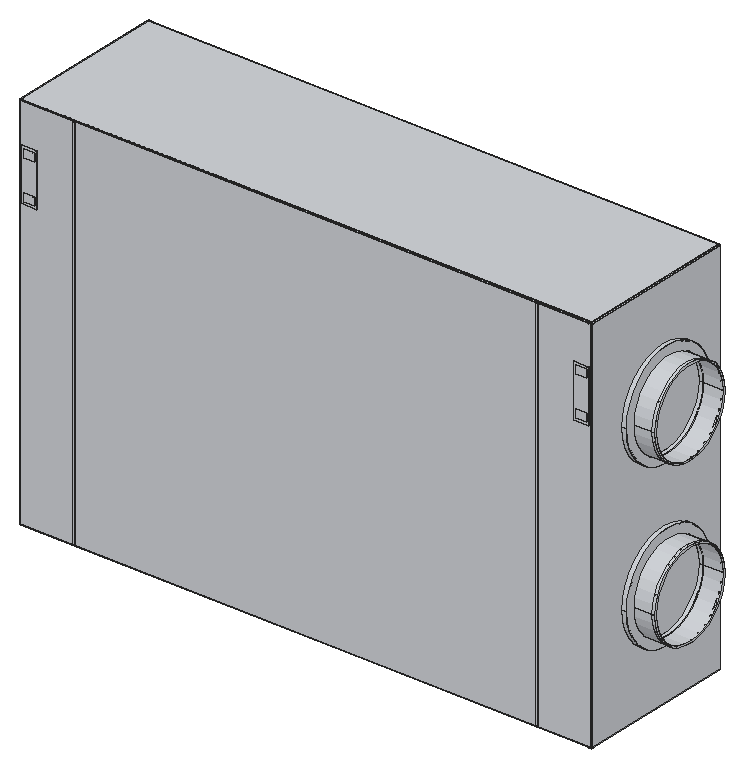
Revit family "Flexit Nordic CL 2 R E 350 R 230", category Mechanical Equipment, Revit 2018
Family settings
  Round Connector Dimension = Use Radius
  Part Type = Normal
  Work Plane-Based = No
  Always vertical = Yes
  Cut with Voids When Loaded = No
  Shared = No
  Room Calculation Point = No
Parameters
  magiProductId = "Flexit Nordic CL 2 R E 350 R 230"
  magiPartTypeId = 210
  magiFamilyGeom = MagiCAD_Flexit Nordic CL 2 R E 350 R 230 : MagiCAD_Flexit Nordic CL 2 R E 350 R 230
  Ytelse  SFP-sum vinter [instance] = "1.50 kJ/m³"
  Weight = 0.00 kg
  Vifte, tilluft  Vinter  Vifteinstilling [instance] = "47 %"
  Vifte, tilluft  Sommer  Vifteinstilling [instance] = ""
  Vifte, avtrekksluft  Vinter  Vifteinstilling [instance] = "48 %"
  Vifte, avtrekksluft  Sommer  Vifteinstilling [instance] = ""
  VersionID = "1.0/2021.0"
  Varmegjenvinning  Vinter  Komponentvirkningsgrad, tilluft (EN308) [instance] = "81.9 %"
  Varmegjenvinning  Sommer  Komponentvirkningsgrad, tilluft (EN308) [instance] = ""
  Varmegjenvinning  Sommer  Aggregatvirkningsgrad, tilluft (EN13141-7) [instance] = ""
  Uteluft [instance] = "160 mm"
  Tilluftskanal, vinter [instance] = "34 45 51 49 49 49 44 33 dB(A)"
  Tilluft  Trykkfall vinter [instance] = 70.0 Pa
  Tilluft  Luftmengde vinter [instance] = "0.0278 m³/s"
  Tilluft [instance] = "160 mm"
  Supply 1 Sound power level [instance] = "60 61 60 53 49 48 43 34 dB"
  Supply 1 Pressure drop min [instance] = 63.0 Pa
  Supply 1 Pressure drop max [instance] = 77.0 Pa
  Supply 1 Pressure drop [instance] = 70.0 Pa
  Supply 1 Airflow operation point min [instance] = 26.3889 L/s
  Supply 1 Airflow operation point max [instance] = 29.1667 L/s
  Supply 1 Airflow min [instance] = 22.0 L/s
  Supply 1 Airflow max [instance] = 78.0 L/s
  Supply 1 Airflow [instance] = 27.7778 L/s
  Resultater  Vekt [instance] = "62 kg"
  Productdata [instance] = "© MagiCAD Group, all rights reserved"
  Pressure rise, supply [instance] = 70.0 Pa
  Pressure rise, extract [instance] = 70.0 Pa
  Outdoor 1 Sound power level [instance] = "60 61 60 53 49 48 43 34 dB"
  Outdoor 1 Pressure drop min [instance] = 0.0 Pa
  Outdoor 1 Pressure drop max [instance] = 0.0 Pa
  Outdoor 1 Pressure drop [instance] = 0.0 Pa
  Outdoor 1 Airflow operation point min [instance] = 26.3889 L/s
  Outdoor 1 Airflow operation point max [instance] = 29.1667 L/s
  Outdoor 1 Airflow min [instance] = 22.0 L/s
  Outdoor 1 Airflow max [instance] = 78.0 L/s
  Outdoor 1 Airflow [instance] = 27.7778 L/s
  Omgivelse, vinter [instance] = "20 24 34 33 29 30 27 17 dB(A)"
  Kjøkkenkanal [instance] = "125 mm"
  Himling, vinter [instance] = "20 19 28 22 20 22 17 8 dB(A)"
  Generelt  Informasjon [instance] = ""
  Generelt  Beskrivelse / Plassering [instance] = ""
  Extract 9 Sound power level [instance] = "54 53 49 34 34 33 23 18 dB"
  Extract 9 Pressure drop min [instance] = 0.0 Pa
  Extract 9 Pressure drop max [instance] = 0.0 Pa
  Extract 9 Pressure drop [instance] = 0.0 Pa
  Extract 9 Airflow operation point min [instance] = 26.3889 L/s
  Extract 9 Airflow operation point max [instance] = 29.1667 L/s
  Extract 9 Airflow min [instance] = 22.0 L/s
  Extract 9 Airflow max [instance] = 78.0 L/s
  Extract 9 Airflow [instance] = 27.7778 L/s
  Extract 1 Sound power level [instance] = "54 53 49 34 34 33 23 18 dB"
  Extract 1 Pressure drop min [instance] = 63.0 Pa
  Extract 1 Pressure drop max [instance] = 77.0 Pa
  Extract 1 Pressure drop [instance] = 70.0 Pa
  Extract 1 Airflow operation point min [instance] = 26.3889 L/s
  Extract 1 Airflow operation point max [instance] = 29.1667 L/s
  Extract 1 Airflow min [instance] = 22.0 L/s
  Extract 1 Airflow max [instance] = 78.0 L/s
  Extract 1 Airflow [instance] = 27.7778 L/s
  Exhaust 1 Sound power level [instance] = "54 53 49 34 34 33 23 18 dB"
  Exhaust 1 Pressure drop min [instance] = 0.0 Pa
  Exhaust 1 Pressure drop max [instance] = 0.0 Pa
  Exhaust 1 Pressure drop [instance] = 0.0 Pa
  Exhaust 1 Airflow operation point min [instance] = 26.3889 L/s
  Exhaust 1 Airflow operation point max [instance] = 29.1667 L/s
  Exhaust 1 Airflow min [instance] = 22.0 L/s
  Exhaust 1 Airflow max [instance] = 78.0 L/s
  Exhaust 1 Airflow [instance] = 27.7778 L/s
  Dimensjoner [instance] = "1149x296x767 mm"
  Avtrekkskanal, vinter [instance] = "27 37 40 30 34 34 24 17 dB(A)"
  Avtrekk  Trykkfall vinter [instance] = 70.0 Pa
  Avtrekk  Luftmengde vinter [instance] = "0.0278 m³/s"
  Avtrekk [instance] = "160 mm"
  Avkast [instance] = "160 mm"
Reference planes
  plane 1 "Center (Front/Back)": y = 0
  plane 2: z = 0
  plane 3 "Center (Left/Right)": x = 0
Forms (mm)
  Extrusion 1, solid, not visible
    sketch origin (0, 163, 267) x (0, -1, 0) y (0, 0, 1)
      loop
        line (-15.24, -15.24) -> (15.24, -15.24) -> (15.24, 15.24) -> (-15.24, 15.24) -> (-15.24, -15.24)
    from 0 to -30.48
  Extrusion 2, solid, not visible
    sketch origin (1149, 163, 567) x (0, 1, 0) y (0, 0, 1)
      loop
        line (15.24, 15.24) -> (-15.24, 15.24) -> (-15.24, -15.24) -> (15.24, -15.24) -> (15.24, 15.24)
    from 0 to -30.48
  Extrusion 3, solid, not visible
    sketch origin (0, 163, 567) x (0, -1, 0) y (0, 0, 1)
      loop
        line (-15.24, -15.24) -> (15.24, -15.24) -> (15.24, 15.24) -> (-15.24, 15.24) -> (-15.24, -15.24)
    from 0 to -30.48
  Extrusion 4, solid, not visible
    sketch origin (861, 163, 0) x (0, 1, 0) y (1, 0, 0)
      loop
        line (-15.24, 15.24) -> (-15.24, -15.24) -> (15.24, -15.24) -> (15.24, 15.24) -> (-15.24, 15.24)
    from 0 to -30.48
  Extrusion 5, solid, not visible
    sketch origin (1149, 163, 267) x (0, 1, 0) y (0, 0, 1)
      loop
        line (15.24, 15.24) -> (-15.24, 15.24) -> (-15.24, -15.24) -> (15.24, -15.24) -> (15.24, 15.24)
    from 0 to -30.48
Text (mm)
  text "© MagiCAD Group, all rights reserved" at (-487.68, -1524, 0), in view "Ref. Level"
Nested families
  nested 1: "MagiCAD_Flexit Nordic CL 2 R E 350 R 230" at (0, 0, 0), type <- "magiFamilyGeom", type "MagiCAD_Flexit Nordic CL 2 R E 350 R 230"
Connectors
  hvac at (0, 163, 267)
    settings: on Extrusion 1, index 1, duct flow 0.0 L/s, flow factor 0, pres drop 0.0 Pa, loss coef 0, conn angle 0.00°, conn width 304.8 mm, conn height 304.8 mm, conn diameter 160 mm, duct sys type 1, conn prof type 0, flow config 0, flow direction 2, loss method 0, conn ref index -1, conn util no, is conn primary yes, conn desc "Supply 1"
  hvac at (1149, 163, 567)
    settings: on Extrusion 2, index 2, duct flow 0.0 L/s, flow factor 0, pres drop 0.0 Pa, loss coef 0, conn angle 0.00°, conn width 304.8 mm, conn height 304.8 mm, conn diameter 160 mm, duct sys type 1, conn prof type 0, flow config 0, flow direction 1, loss method 0, conn ref index -1, conn util no, is conn primary no, conn desc "Outdoor 1"
  hvac at (0, 163, 567)
    settings: on Extrusion 3, index 3, duct flow 0.0 L/s, flow factor 0, pres drop 0.0 Pa, loss coef 0, conn angle 0.00°, conn width 304.8 mm, conn height 304.8 mm, conn diameter 160 mm, duct sys type 2, conn prof type 0, flow config 0, flow direction 1, loss method 0, conn ref index -1, conn util no, is conn primary no, conn desc "Extract 1"
  hvac at (861, 163, 0)
    settings: on Extrusion 4, index 4, duct flow 0.0 L/s, flow factor 0, pres drop 0.0 Pa, loss coef 0, conn angle 0.00°, conn width 304.8 mm, conn height 304.8 mm, conn diameter 125 mm, duct sys type 2, conn prof type 0, flow config 0, flow direction 1, loss method 0, conn ref index -1, conn util no, is conn primary no, conn desc "Extract 9"
  hvac at (1149, 163, 267)
    settings: on Extrusion 5, index 5, duct flow 0.0 L/s, flow factor 0, pres drop 0.0 Pa, loss coef 0, conn angle 0.00°, conn width 304.8 mm, conn height 304.8 mm, conn diameter 160 mm, duct sys type 3, conn prof type 0, flow config 0, flow direction 2, loss method 0, conn ref index -1, conn util no, is conn primary no, conn desc "Exhaust 1"
Definition of nested family "MagiCAD_Flexit Nordic CL 2 R E 350 R 230"
  Reference planes
    plane 1 "Center (Front/Back)": y = 0
    plane 2: z = 0
    plane 3 "Center (Left/Right)": x = 0
  Forms (mm)
    Extrusion 1, solid
      sketch origin (1099.5, 163, 267) x (0, 1, 0) y (0, 0, 1)
        loop
          circle (0, 0) r 79.9
      from 0 to 2
    Extrusion 2, void
      sketch origin (1099.5, 163, 267) x (0, 1, 0) y (0, 0, 1)
        loop
          circle (0, 0) r 79.7
      from 0.2 to 2
    Extrusion 3, solid
      sketch origin (1099.5, 163, 267) x (0, 1, 0) y (0, 0, 1)
        loop
          circle (0, 0) r 80
      from 0 to 49.5
    Extrusion 4, void
      sketch origin (1099.5, 163, 267) x (0, 1, 0) y (0, 0, 1)
        loop
          circle (0, 0) r 79.8
      from 0 to 49.5
    Extrusion 5, solid
      sketch origin (1099.5, 163, 267) x (0, 1, 0) y (0, 0, 1)
        loop
          circle (0, 0) r 96
      from 0 to 10
    Extrusion 6, void
      sketch origin (1099.5, 163, 267) x (0, 1, 0) y (0, 0, 1)
        loop
          circle (0, 0) r 95.8
      from 0 to 10
    Extrusion 7, solid
      sketch origin (1144.05, 163, 267) x (0, 1, 0) y (0, 0, 1)
        loop
          circle (0, 0) r 80.05
      from 0 to 4.95
    Extrusion 8, void
      sketch origin (1144.05, 163, 267) x (0, 1, 0) y (0, 0, 1)
        loop
          circle (0, 0) r 79.85
      from 0 to 4.95
    Extrusion 9, solid
      sketch origin (49.5, 163, 567) x (0, -1, 0) y (0, 0, 1)
        loop
          circle (0, 0) r 79.9
      from 0 to 2
    Extrusion 10, void
      sketch origin (49.5, 163, 567) x (0, -1, 0) y (0, 0, 1)
        loop
          circle (0, 0) r 79.7
      from 0.2 to 2
    Extrusion 11, solid
      sketch origin (49.5, 163, 567) x (0, -1, 0) y (0, 0, 1)
        loop
          circle (0, 0) r 80
      from 0 to 49.5
    Extrusion 12, void
      sketch origin (49.5, 163, 567) x (0, -1, 0) y (0, 0, 1)
        loop
          circle (0, 0) r 79.8
      from 0 to 49.5
    Extrusion 13, solid
      sketch origin (49.5, 163, 567) x (0, -1, 0) y (0, 0, 1)
        loop
          circle (0, 0) r 96
      from 0 to 10
    Extrusion 14, void
      sketch origin (49.5, 163, 567) x (0, -1, 0) y (0, 0, 1)
        loop
          circle (0, 0) r 95.8
      from 0 to 10
    Extrusion 15, solid
      sketch origin (4.95, 163, 567) x (0, -1, 0) y (0, 0, 1)
        loop
          circle (0, 0) r 80.05
      from 0 to 4.95
    Extrusion 16, void
      sketch origin (4.95, 163, 567) x (0, -1, 0) y (0, 0, 1)
        loop
          circle (0, 0) r 79.85
      from 0 to 4.95
    Extrusion 17, solid
      sketch origin (1099.5, 163, 567) x (0, 1, 0) y (0, 0, 1)
        loop
          circle (0, 0) r 79.9
      from 0 to 2
    Extrusion 18, void
      sketch origin (1099.5, 163, 567) x (0, 1, 0) y (0, 0, 1)
        loop
          circle (0, 0) r 79.7
      from 0.2 to 2
    Extrusion 19, solid
      sketch origin (1099.5, 163, 567) x (0, 1, 0) y (0, 0, 1)
        loop
          circle (0, 0) r 80
      from 0 to 49.5
    Extrusion 20, void
      sketch origin (1099.5, 163, 567) x (0, 1, 0) y (0, 0, 1)
        loop
          circle (0, 0) r 79.8
      from 0 to 49.5
    Extrusion 21, solid
      sketch origin (1099.5, 163, 567) x (0, 1, 0) y (0, 0, 1)
        loop
          circle (0, 0) r 96
      from 0 to 10
    Extrusion 22, void
      sketch origin (1099.5, 163, 567) x (0, 1, 0) y (0, 0, 1)
        loop
          circle (0, 0) r 95.8
      from 0 to 10
    Extrusion 23, solid
      sketch origin (1144.05, 163, 567) x (0, 1, 0) y (0, 0, 1)
        loop
          circle (0, 0) r 80.05
      from 0 to 4.95
    Extrusion 24, void
      sketch origin (1144.05, 163, 567) x (0, 1, 0) y (0, 0, 1)
        loop
          circle (0, 0) r 79.85
      from 0 to 4.95
    Extrusion 25, solid
      sketch origin (49.5, 163, 267) x (0, -1, 0) y (0, 0, 1)
        loop
          circle (0, 0) r 79.9
      from 0 to 2
    Extrusion 26, void
      sketch origin (49.5, 163, 267) x (0, -1, 0) y (0, 0, 1)
        loop
          circle (0, 0) r 79.7
      from 0.2 to 2
    Extrusion 27, solid
      sketch origin (49.5, 163, 267) x (0, -1, 0) y (0, 0, 1)
        loop
          circle (0, 0) r 80
      from 0 to 49.5
    Extrusion 28, void
      sketch origin (49.5, 163, 267) x (0, -1, 0) y (0, 0, 1)
        loop
          circle (0, 0) r 79.8
      from 0 to 49.5
    Extrusion 29, solid
      sketch origin (49.5, 163, 267) x (0, -1, 0) y (0, 0, 1)
        loop
          circle (0, 0) r 96
      from 0 to 10
    Extrusion 30, void
      sketch origin (49.5, 163, 267) x (0, -1, 0) y (0, 0, 1)
        loop
          circle (0, 0) r 95.8
      from 0 to 10
    Extrusion 31, solid
      sketch origin (4.95, 163, 267) x (0, -1, 0) y (0, 0, 1)
        loop
          circle (0, 0) r 80.05
      from 0 to 4.95
    Extrusion 32, void
      sketch origin (4.95, 163, 267) x (0, -1, 0) y (0, 0, 1)
        loop
          circle (0, 0) r 79.85
      from 0 to 4.95
    Extrusion 33, solid
      sketch origin (861, 163, 67) x (0, 1, 0) y (1, 0, 0)
        loop
          circle (0, 0) r 62.4
      from 0 to 2
    Extrusion 34, void
      sketch origin (861, 163, 67) x (0, 1, 0) y (1, 0, 0)
        loop
          circle (0, 0) r 62.2
      from 0.2 to 2
    Extrusion 35, solid
      sketch origin (861, 163, 67) x (0, 1, 0) y (1, 0, 0)
        loop
          circle (0, 0) r 62.5
      from 0 to 67
    Extrusion 36, void
      sketch origin (861, 163, 67) x (0, 1, 0) y (1, 0, 0)
        loop
          circle (0, 0) r 62.3
      from 0 to 67
    Extrusion 37, solid
      sketch origin (861, 163, 67) x (0, 1, 0) y (1, 0, 0)
        loop
          circle (0, 0) r 75
      from 0 to 10
    Extrusion 38, void
      sketch origin (861, 163, 67) x (0, 1, 0) y (1, 0, 0)
        loop
          circle (0, 0) r 74.8
      from 0 to 10
    Extrusion 39, solid
      sketch origin (861, 163, 6.7) x (0, 1, 0) y (1, 0, 0)
        loop
          circle (0, 0) r 62.55
      from 0 to 6.7
    Extrusion 40, void
      sketch origin (861, 163, 6.7) x (0, 1, 0) y (1, 0, 0)
        loop
          circle (0, 0) r 62.35
      from 0 to 6.7
    Extrusion 41, solid
      sketch origin (1109.5, 163, 267) x (0, 1, 0) y (0, 0, 1)
        loop
          circle (0, 0) r 80.05
        loop
          circle (0, 0) r 96
      from -0.1 to 0.1
    Extrusion 42, solid
      sketch origin (1101.5, 163, 267) x (0, 1, 0) y (0, 0, 1)
        loop
          circle (0, 0) r 79.9
      from -0.1 to 0.1
    Extrusion 43, solid
      sketch origin (1149, 163, 267) x (0, 1, 0) y (0, 0, 1)
        loop
          circle (0, 0) r 78
        loop
          circle (0, 0) r 80
      from -0.1 to 0.1
    Extrusion 44, solid
      sketch origin (39.5, 163, 567) x (0, -1, 0) y (0, 0, 1)
        loop
          circle (0, 0) r 80.05
        loop
          circle (0, 0) r 96
      from -0.1 to 0.1
    Extrusion 45, solid
      sketch origin (47.5, 163, 567) x (0, -1, 0) y (0, 0, 1)
        loop
          circle (0, 0) r 79.9
      from -0.1 to 0.1
    Extrusion 46, solid
      sketch origin (0, 163, 567) x (0, -1, 0) y (0, 0, 1)
        loop
          circle (0, 0) r 78
        loop
          circle (0, 0) r 80
      from -0.1 to 0.1
    Extrusion 47, solid
      sketch origin (1109.5, 163, 567) x (0, 1, 0) y (0, 0, 1)
        loop
          circle (0, 0) r 80.05
        loop
          circle (0, 0) r 96
      from -0.1 to 0.1
    Extrusion 48, solid
      sketch origin (1101.5, 163, 567) x (0, 1, 0) y (0, 0, 1)
        loop
          circle (0, 0) r 79.9
      from -0.1 to 0.1
    Extrusion 49, solid
      sketch origin (1149, 163, 567) x (0, 1, 0) y (0, 0, 1)
        loop
          circle (0, 0) r 78
        loop
          circle (0, 0) r 80
      from -0.1 to 0.1
    Extrusion 50, solid
      sketch origin (39.5, 163, 267) x (0, -1, 0) y (0, 0, 1)
        loop
          circle (0, 0) r 80.05
        loop
          circle (0, 0) r 96
      from -0.1 to 0.1
    Extrusion 51, solid
      sketch origin (47.5, 163, 267) x (0, -1, 0) y (0, 0, 1)
        loop
          circle (0, 0) r 79.9
      from -0.1 to 0.1
    Extrusion 52, solid
      sketch origin (0, 163, 267) x (0, -1, 0) y (0, 0, 1)
        loop
          circle (0, 0) r 75.05
        loop
          circle (0, 0) r 80
      from -0.1 to 0.1
    Extrusion 53, solid
      sketch origin (861, 163, 57) x (0, 1, 0) y (1, 0, 0)
        loop
          circle (0, 0) r 62.55
        loop
          circle (0, 0) r 75
      from -0.1 to 0.1
    Extrusion 54, solid
      sketch origin (861, 163, 65) x (0, 1, 0) y (1, 0, 0)
        loop
          circle (0, 0) r 62.4
      from -0.1 to 0.1
    Extrusion 55, solid
      sketch origin (861, 163, 0) x (0, 1, 0) y (1, 0, 0)
        loop
          circle (0, 0) r 60.5
        loop
          circle (0, 0) r 62.5
      from -0.1 to 0.1
    Extrusion 56, solid
      sketch origin (51.5, 294, 765) x (1, 0, 0) y (0, 1, 0)
        loop
          line (1046, 0) -> (1046, 2) -> (0, 2) -> (0, 0) -> (1046, 0)
      from -0.1 to 0.1
    Extrusion 57, solid
      sketch origin (51.5, 294, 767) x (0, 0, 1) y (1, 0, 0)
        loop
          line (0, 1046) -> (-2, 1046) -> (-2, 0) -> (0, 0) -> (0, 1046)
      from -0.1 to 0.1
    Extrusion 58, solid
      sketch origin (51.5, 296, 765) x (1, 0, 0) y (0, -0.707107, 0.707107)
        loop
          line (1046, 0) -> (1046, 2.828) -> (0, 2.828) -> (0, 0) -> (1046, 0)
      from -0.1 to 0.1
    Extrusion 59, solid
      sketch origin (1097.5, 294, 765) x (0, 1, 0) y (0, 0, 1)
        loop
          line (2, 0) -> (0, 2) -> (0, 0) -> (2, 0)
      from -0.1 to 0.1
    Extrusion 60, solid
      sketch origin (51.5, 294, 765) x (0, 1, 0) y (0, 0, 1)
        loop
          line (2, 0) -> (0, 2) -> (0, 0) -> (2, 0)
      from -0.1 to 0.1
    Extrusion 61, solid
      sketch origin (51.5, 294, 69) x (0, 0, 1) y (1, 0, 0)
        loop
          line (0, 1046) -> (-2, 1046) -> (-2, 0) -> (0, 0) -> (0, 1046)
      from -0.1 to 0.1
    Extrusion 62, solid
      sketch origin (51.5, 296, 69) x (0, 1, 0) y (1, 0, 0)
        loop
          line (0, 1046) -> (-2, 1046) -> (-2, 0) -> (0, 0) -> (0, 1046)
      from -0.1 to 0.1
    Extrusion 63, solid
      sketch origin (51.5, 294, 67) x (1, 0, 0) y (0, 0.707107, 0.707107)
        loop
          line (1046, 0) -> (1046, 2.828) -> (0, 2.828) -> (0, 0) -> (1046, 0)
      from -0.1 to 0.1
    Extrusion 64, solid
      sketch origin (1097.5, 294, 69) x (0, 1, 0) y (0, 0, 1)
        loop
          line (0, -2) -> (2, 0) -> (0, 0) -> (0, -2)
      from -0.1 to 0.1
    Extrusion 65, solid
      sketch origin (51.5, 294, 69) x (0, 1, 0) y (0, 0, 1)
        loop
          line (0, -2) -> (2, 0) -> (0, 0) -> (0, -2)
      from -0.1 to 0.1
    Extrusion 66, solid
      sketch origin (1097.5, 294, 765) x (0, 1, 0) y (0, 0, 1)
        loop
          line (0, -696) -> (2, -696) -> (2, 0) -> (0, 0) -> (0, -696)
      from -0.1 to 0.1
    Extrusion 67, solid
      sketch origin (1099.5, 294, 765) x (0, 0, 1) y (1, 0, 0)
        loop
          line (-696, 0) -> (-696, -2) -> (0, -2) -> (0, 0) -> (-696, 0)
      from -0.1 to 0.1
    Extrusion 68, solid
      sketch origin (1097.5, 296, 765) x (0.707107, -0.707107, 0) y (0, 0, 1)
        loop
          line (0, -696) -> (2.828, -696) -> (2.828, 0) -> (0, 0) -> (0, -696)
      from -0.1 to 0.1
    Extrusion 69, solid
      sketch origin (1097.5, 294, 69) x (0, 1, 0) y (1, 0, 0)
        loop
          line (2, 0) -> (0, 2) -> (0, 0) -> (2, 0)
      from -0.1 to 0.1
    Extrusion 70, solid
      sketch origin (1097.5, 294, 765) x (0, 1, 0) y (1, 0, 0)
        loop
          line (2, 0) -> (0, 2) -> (0, 0) -> (2, 0)
      from -0.1 to 0.1
    Extrusion 71, solid
      sketch origin (51.5, 294, 765) x (0, 1, 0) y (0, 0, 1)
        loop
          line (0, -696) -> (2, -696) -> (2, 0) -> (0, 0) -> (0, -696)
      from -0.1 to 0.1
    Extrusion 72, solid
      sketch origin (49.5, 294, 765) x (0, 0, -1) y (1, 0, 0)
        loop
          line (696, 0) -> (696, 2) -> (0, 2) -> (0, 0) -> (696, 0)
      from -0.1 to 0.1
    Extrusion 73, solid
      sketch origin (51.5, 296, 765) x (0.707107, 0.707107, 0) y (0, 0, -1)
        loop
          line (0, 696) -> (-2.828, 696) -> (-2.828, 0) -> (0, 0) -> (0, 696)
      from -0.1 to 0.1
    Extrusion 74, solid
      sketch origin (51.5, 294, 69) x (1, 0, 0) y (0, 1, 0)
        loop
          line (0, 2) -> (-2, 0) -> (0, 0) -> (0, 2)
      from -0.1 to 0.1
    Extrusion 75, solid
      sketch origin (51.5, 294, 765) x (1, 0, 0) y (0, 1, 0)
        loop
          line (0, 2) -> (-2, 0) -> (0, 0) -> (0, 2)
      from -0.1 to 0.1
    Extrusion 76, solid
      sketch origin (1097.5, 2, 765) x (0, 0, -1) y (1, 0, 0)
        loop
          line (696, 0) -> (696, 2) -> (0, 2) -> (0, 0) -> (696, 0)
      from -0.1 to 0.1
    Extrusion 77, solid
      sketch origin (1097.5, 0, 765) x (0, 1, 0) y (0, 0, 1)
        loop
          line (0, -696) -> (2, -696) -> (2, 0) -> (0, 0) -> (0, -696)
      from -0.1 to 0.1
    Extrusion 78, solid
      sketch origin (1099.5, 2, 765) x (0.707107, 0.707107, 0) y (0, 0, -1)
        loop
          line (0, 696) -> (-2.828, 696) -> (-2.828, 0) -> (0, 0) -> (0, 696)
      from -0.1 to 0.1
    Extrusion 79, solid
      sketch origin (1097.5, 2, 69) x (0, 1, 0) y (1, 0, 0)
        loop
          line (0, 2) -> (-2, 0) -> (0, 0) -> (0, 2)
      from -0.1 to 0.1
    Extrusion 80, solid
      sketch origin (1097.5, 2, 765) x (0, 1, 0) y (1, 0, 0)
        loop
          line (0, 2) -> (-2, 0) -> (0, 0) -> (0, 2)
      from -0.1 to 0.1
    Extrusion 81, solid
      sketch origin (51.5, 2, 765) x (0, 0, 1) y (1, 0, 0)
        loop
          line (-696, 0) -> (-696, -2) -> (0, -2) -> (0, 0) -> (-696, 0)
      from -0.1 to 0.1
    Extrusion 82, solid
      sketch origin (51.5, 0, 765) x (0, 1, 0) y (0, 0, 1)
        loop
          line (0, -696) -> (2, -696) -> (2, 0) -> (0, 0) -> (0, -696)
      from -0.1 to 0.1
    Extrusion 83, solid
      sketch origin (49.5, 2, 765) x (0.707107, -0.707107, 0) y (0, 0, 1)
        loop
          line (0, -696) -> (2.828, -696) -> (2.828, 0) -> (0, 0) -> (0, -696)
      from -0.1 to 0.1
    Extrusion 84, solid
      sketch origin (51.5, 2, 69) x (1, 0, 0) y (0, 1, 0)
        loop
          line (-2, 0) -> (0, -2) -> (0, 0) -> (-2, 0)
      from -0.1 to 0.1
    Extrusion 85, solid
      sketch origin (51.5, 2, 765) x (1, 0, 0) y (0, 1, 0)
        loop
          line (-2, 0) -> (0, -2) -> (0, 0) -> (-2, 0)
      from -0.1 to 0.1
    Extrusion 86, solid
      sketch origin (51.5, 2, 765) x (0, 0, -1) y (1, 0, 0)
        loop
          line (0, 1046) -> (-2, 1046) -> (-2, 0) -> (0, 0) -> (0, 1046)
      from -0.1 to 0.1
    Extrusion 87, solid
      sketch origin (51.5, 0, 765) x (1, 0, 0) y (0, 1, 0)
        loop
          line (1046, 0) -> (1046, 2) -> (0, 2) -> (0, 0) -> (1046, 0)
      from -0.1 to 0.1
    Extrusion 88, solid
      sketch origin (51.5, 2, 767) x (1, 0, 0) y (0, -0.707107, -0.707107)
        loop
          line (1046, 0) -> (1046, 2.828) -> (0, 2.828) -> (0, 0) -> (1046, 0)
      from -0.1 to 0.1
    Extrusion 89, solid
      sketch origin (1097.5, 2, 765) x (0, 1, 0) y (0, 0, 1)
        loop
          line (0, 2) -> (-2, 0) -> (0, 0) -> (0, 2)
      from -0.1 to 0.1
    Extrusion 90, solid
      sketch origin (51.5, 2, 765) x (0, 1, 0) y (0, 0, 1)
        loop
          line (0, 2) -> (-2, 0) -> (0, 0) -> (0, 2)
      from -0.1 to 0.1
    Extrusion 91, solid
      sketch origin (51.5, 2, 69) x (0, 1, 0) y (1, 0, 0)
        loop
          line (0, 1046) -> (-2, 1046) -> (-2, 0) -> (0, 0) -> (0, 1046)
      from -0.1 to 0.1
    Extrusion 92, solid
      sketch origin (51.5, 2, 67) x (0, 0, -1) y (1, 0, 0)
        loop
          line (0, 1046) -> (-2, 1046) -> (-2, 0) -> (0, 0) -> (0, 1046)
      from -0.1 to 0.1
    Extrusion 93, solid
      sketch origin (51.5, 0, 69) x (1, 0, 0) y (0, 0.707107, -0.707107)
        loop
          line (1046, 0) -> (1046, 2.828) -> (0, 2.828) -> (0, 0) -> (1046, 0)
      from -0.1 to 0.1
    Extrusion 94, solid
      sketch origin (1097.5, 2, 69) x (0, 1, 0) y (0, 0, 1)
        loop
          line (-2, 0) -> (0, -2) -> (0, 0) -> (-2, 0)
      from -0.1 to 0.1
    Extrusion 95, solid
      sketch origin (51.5, 2, 69) x (0, 1, 0) y (0, 0, 1)
        loop
          line (-2, 0) -> (0, -2) -> (0, 0) -> (-2, 0)
      from -0.1 to 0.1
    Extrusion 96, solid
      sketch origin (1097.5, 2, 765) x (0, 1, 0) y (0, 0, 1)
        loop
          line (292, 0) -> (292, 2) -> (0, 2) -> (0, 0) -> (292, 0)
      from -0.1 to 0.1
    Extrusion 97, solid
      sketch origin (1099.5, 2, 765) x (1, 0, 0) y (0, 1, 0)
        loop
          line (0, 292) -> (-2, 292) -> (-2, 0) -> (0, 0) -> (0, 292)
      from -0.1 to 0.1
    Extrusion 98, solid
      sketch origin (1097.5, 2, 767) x (0.707107, 0, -0.707107) y (0, -1, 0)
        loop
          line (0, -292) -> (2.828, -292) -> (2.828, 0) -> (0, 0) -> (0, -292)
      from -0.1 to 0.1
    Extrusion 99, solid
      sketch origin (1097.5, 294, 765) x (0, 0, 1) y (1, 0, 0)
        loop
          line (2, 0) -> (0, 2) -> (0, 0) -> (2, 0)
      from -0.1 to 0.1
    Extrusion 100, solid
      sketch origin (1097.5, 2, 765) x (0, 0, 1) y (1, 0, 0)
        loop
          line (2, 0) -> (0, 2) -> (0, 0) -> (2, 0)
      from -0.1 to 0.1
    Extrusion 101, solid
      sketch origin (1097.5, 2, 69) x (0, 1, 0) y (1, 0, 0)
        loop
          line (292, 0) -> (292, 2) -> (0, 2) -> (0, 0) -> (292, 0)
      from -0.1 to 0.1
    Extrusion 102, solid
      sketch origin (1097.5, 2, 67) x (0, 1, 0) y (0, 0, 1)
        loop
          line (292, 0) -> (292, 2) -> (0, 2) -> (0, 0) -> (292, 0)
      from -0.1 to 0.1
    Extrusion 103, solid
      sketch origin (1099.5, 2, 69) x (0.707107, 0, 0.707107) y (0, 1, 0)
        loop
          line (0, 292) -> (-2.828, 292) -> (-2.828, 0) -> (0, 0) -> (0, 292)
      from -0.1 to 0.1
    Extrusion 104, solid
      sketch origin (1097.5, 294, 69) x (0, 0, 1) y (1, 0, 0)
        loop
          line (0, 2) -> (-2, 0) -> (0, 0) -> (0, 2)
      from -0.1 to 0.1
    Extrusion 105, solid
      sketch origin (1097.5, 2, 69) x (0, 0, 1) y (1, 0, 0)
        loop
          line (0, 2) -> (-2, 0) -> (0, 0) -> (0, 2)
      from -0.1 to 0.1
    Extrusion 106, solid
      sketch origin (51.5, 2, 765) x (0, 1, 0) y (0, 0, 1)
        loop
          line (292, 0) -> (292, 2) -> (0, 2) -> (0, 0) -> (292, 0)
      from -0.1 to 0.1
    Extrusion 107, solid
      sketch origin (49.5, 2, 765) x (0, 1, 0) y (1, 0, 0)
        loop
          line (292, 0) -> (292, 2) -> (0, 2) -> (0, 0) -> (292, 0)
      from -0.1 to 0.1
    Extrusion 108, solid
      sketch origin (51.5, 2, 767) x (0.707107, 0, 0.707107) y (0, 1, 0)
        loop
          line (0, 292) -> (-2.828, 292) -> (-2.828, 0) -> (0, 0) -> (0, 292)
      from -0.1 to 0.1
    Extrusion 109, solid
      sketch origin (51.5, 294, 765) x (0, 0, -1) y (1, 0, 0)
        loop
          line (-2, 0) -> (0, -2) -> (0, 0) -> (-2, 0)
      from -0.1 to 0.1
    Extrusion 110, solid
      sketch origin (51.5, 2, 765) x (0, 0, -1) y (1, 0, 0)
        loop
          line (-2, 0) -> (0, -2) -> (0, 0) -> (-2, 0)
      from -0.1 to 0.1
    Extrusion 111, solid
      sketch origin (51.5, 2, 69) x (1, 0, 0) y (0, 1, 0)
        loop
          line (0, 292) -> (-2, 292) -> (-2, 0) -> (0, 0) -> (0, 292)
      from -0.1 to 0.1
    Extrusion 112, solid
      sketch origin (51.5, 2, 67) x (0, 1, 0) y (0, 0, 1)
        loop
          line (292, 0) -> (292, 2) -> (0, 2) -> (0, 0) -> (292, 0)
      from -0.1 to 0.1
    Extrusion 113, solid
      sketch origin (49.5, 2, 69) x (0.707107, 0, -0.707107) y (0, -1, 0)
        loop
          line (0, -292) -> (2.828, -292) -> (2.828, 0) -> (0, 0) -> (0, -292)
      from -0.1 to 0.1
    Extrusion 114, solid
      sketch origin (51.5, 294, 69) x (0, 0, -1) y (1, 0, 0)
        loop
          line (0, -2) -> (2, 0) -> (0, 0) -> (0, -2)
      from -0.1 to 0.1
    Extrusion 115, solid
      sketch origin (51.5, 2, 69) x (0, 0, -1) y (1, 0, 0)
        loop
          line (0, -2) -> (2, 0) -> (0, 0) -> (0, -2)
      from -0.1 to 0.1
    Extrusion 116, solid
      sketch origin (51.5, 2, 765) x (0, -1, 0) y (0, 0, 1)
        loop
          line (0, 2) -> (-292, 2) -> (-292, 0) -> (0, 0) -> (0, 2)
      from -0.1 to 0.1
    Extrusion 117, solid
      sketch origin (1097.5, 2, 765) x (0, 0, -1) y (1, 0, 0)
        loop
          line (-2, 0) -> (-2, -1046) -> (0, -1046) -> (0, 0) -> (-2, 0)
      from -0.1 to 0.1
    Extrusion 118, solid
      sketch origin (1097.5, 294, 765) x (0, 1, 0) y (0, 0, 1)
        loop
          line (0, 2) -> (-292, 2) -> (-292, 0) -> (0, 0) -> (0, 2)
      from -0.1 to 0.1
    Extrusion 119, solid
      sketch origin (51.5, 294, 765) x (0, 0, 1) y (1, 0, 0)
        loop
          line (2, 0) -> (2, 1046) -> (0, 1046) -> (0, 0) -> (2, 0)
      from -0.1 to 0.1
    Extrusion 120, solid
      sketch origin (1097.5, 2, 767) x (1, 0, 0) y (0, 1, 0)
        loop
          line (0, 292) -> (-1046, 292) -> (-1046, 0) -> (0, 0) -> (0, 292)
      from -0.1 to 0.1
    Extrusion 121, solid
      sketch origin (1097.5, 2, 765) x (1, 0, 0) y (0, 1, 0)
        loop
          line (0, 292) -> (-1046, 292) -> (-1046, 0) -> (0, 0) -> (0, 292)
      from -0.1 to 0.1
    Extrusion 122, solid
      sketch origin (51.5, 2, 69) x (0, 0, 1) y (1, 0, 0)
        loop
          line (0, -2) -> (696, -2) -> (696, 0) -> (0, 0) -> (0, -2)
      from -0.1 to 0.1
    Extrusion 123, solid
      sketch origin (51.5, 294, 69) x (1, 0, 0) y (0, 1, 0)
        loop
          line (-2, 0) -> (-2, -292) -> (0, -292) -> (0, 0) -> (-2, 0)
      from -0.1 to 0.1
    Extrusion 124, solid
      sketch origin (51.5, 294, 765) x (0, 0, -1) y (1, 0, 0)
        loop
          line (0, -2) -> (696, -2) -> (696, 0) -> (0, 0) -> (0, -2)
      from -0.1 to 0.1
    Extrusion 125, solid
      sketch origin (51.5, 2, 765) x (0, 1, 0) y (1, 0, 0)
        loop
          line (0, -2) -> (292, -2) -> (292, 0) -> (0, 0) -> (0, -2)
      from -0.1 to 0.1
    Extrusion 126, solid
      sketch origin (49.5, 2, 69) x (0, -1, 0) y (0, 0, 1)
        loop
          line (0, 696) -> (-292, 696) -> (-292, 0) -> (0, 0) -> (0, 696)
      from -0.1 to 0.1
    Extrusion 127, solid
      sketch origin (51.5, 2, 69) x (0, -1, 0) y (0, 0, 1)
        loop
          line (0, 696) -> (-292, 696) -> (-292, 0) -> (0, 0) -> (0, 696)
      from -0.1 to 0.1
    Extrusion 128, solid
      sketch origin (51.5, 294, 69) x (0, 1, 0) y (0, 0, 1)
        loop
          line (2, 0) -> (2, 696) -> (0, 696) -> (0, 0) -> (2, 0)
      from -0.1 to 0.1
    Extrusion 129, solid
      sketch origin (1097.5, 294, 69) x (1, 0, 0) y (0, 1, 0)
        loop
          line (0, 2) -> (-1046, 2) -> (-1046, 0) -> (0, 0) -> (0, 2)
      from -0.1 to 0.1
    Extrusion 130, solid
      sketch origin (1097.5, 294, 765) x (0, -1, 0) y (0, 0, 1)
        loop
          line (-2, 0) -> (-2, -696) -> (0, -696) -> (0, 0) -> (-2, 0)
      from -0.1 to 0.1
    Extrusion 131, solid
      sketch origin (51.5, 294, 765) x (0, 1, 0) y (1, 0, 0)
        loop
          line (2, 0) -> (2, 1046) -> (0, 1046) -> (0, 0) -> (2, 0)
      from -0.1 to 0.1
    Extrusion 132, solid
      sketch origin (51.5, 296, 69) x (0, 0, 1) y (1, 0, 0)
        loop
          line (696, 0) -> (696, 1046) -> (0, 1046) -> (0, 0) -> (696, 0)
      from -0.1 to 0.1
    Extrusion 133, solid
      sketch origin (51.5, 294, 69) x (0, 0, 1) y (1, 0, 0)
        loop
          line (696, 0) -> (696, 1046) -> (0, 1046) -> (0, 0) -> (696, 0)
      from -0.1 to 0.1
    Extrusion 134, solid
      sketch origin (1097.5, 294, 69) x (0, 0, -1) y (1, 0, 0)
        loop
          line (0, 2) -> (-696, 2) -> (-696, 0) -> (0, 0) -> (0, 2)
      from -0.1 to 0.1
    Extrusion 135, solid
      sketch origin (1097.5, 2, 69) x (1, 0, 0) y (0, 1, 0)
        loop
          line (2, 0) -> (2, 292) -> (0, 292) -> (0, 0) -> (2, 0)
      from -0.1 to 0.1
    Extrusion 136, solid
      sketch origin (1097.5, 2, 765) x (0, 0, 1) y (1, 0, 0)
        loop
          line (0, 2) -> (-696, 2) -> (-696, 0) -> (0, 0) -> (0, 2)
      from -0.1 to 0.1
    Extrusion 137, solid
      sketch origin (1097.5, 294, 765) x (0, 1, 0) y (1, 0, 0)
        loop
          line (0, 2) -> (-292, 2) -> (-292, 0) -> (0, 0) -> (0, 2)
      from -0.1 to 0.1
    Extrusion 138, solid
      sketch origin (1099.5, 294, 69) x (0, 1, 0) y (0, 0, 1)
        loop
          line (0, 696) -> (-292, 696) -> (-292, 0) -> (0, 0) -> (0, 696)
      from -0.1 to 0.1
    Extrusion 139, solid
      sketch origin (1097.5, 294, 69) x (0, 1, 0) y (0, 0, 1)
        loop
          line (0, 696) -> (-292, 696) -> (-292, 0) -> (0, 0) -> (0, 696)
      from -0.1 to 0.1
    Extrusion 140, solid
      sketch origin (51.5, 2, 69) x (0, 1, 0) y (0, 0, 1)
        loop
          line (0, -2) -> (292, -2) -> (292, 0) -> (0, 0) -> (0, -2)
      from -0.1 to 0.1
    Extrusion 141, solid
      sketch origin (1097.5, 2, 69) x (0, 0, 1) y (1, 0, 0)
        loop
          line (-2, 0) -> (-2, -1046) -> (0, -1046) -> (0, 0) -> (-2, 0)
      from -0.1 to 0.1
    Extrusion 142, solid
      sketch origin (1097.5, 294, 69) x (0, -1, 0) y (0, 0, 1)
        loop
          line (0, -2) -> (292, -2) -> (292, 0) -> (0, 0) -> (0, -2)
      from -0.1 to 0.1
    Extrusion 143, solid
      sketch origin (51.5, 294, 69) x (0, 0, -1) y (1, 0, 0)
        loop
          line (2, 0) -> (2, 1046) -> (0, 1046) -> (0, 0) -> (2, 0)
      from -0.1 to 0.1
    Extrusion 144, solid
      sketch origin (51.5, 2, 67) x (0, 1, 0) y (1, 0, 0)
        loop
          line (292, 0) -> (292, 1046) -> (0, 1046) -> (0, 0) -> (292, 0)
      from -0.1 to 0.1
    Extrusion 145, solid
      sketch origin (51.5, 2, 69) x (0, 1, 0) y (1, 0, 0)
        loop
          line (292, 0) -> (292, 1046) -> (0, 1046) -> (0, 0) -> (292, 0)
      from -0.1 to 0.1
    Extrusion 146, solid
      sketch origin (1097.5, 296, 765) x (0.816497, -0.408248, -0.408248) y (0, -0.707107, 0.707107)
        loop
          line (2.449, 1.414) -> (0, 2.828) -> (0, 0) -> (2.449, 1.414)
      from -0.1 to 0.1
    Extrusion 147, solid
      sketch origin (1097.5, 2, 67) x (0.816497, 0.408248, 0.408248) y (0, 0.707107, -0.707107)
        loop
          line (0, -2.828) -> (2.449, -1.414) -> (0, 0) -> (0, -2.828)
      from -0.1 to 0.1
    Extrusion 148, solid
      sketch origin (1099.5, 2, 765) x (0.816497, 0.408248, -0.408248) y (0, 0.707107, 0.707107)
        loop
          line (-2.449, 1.414) -> (-2.449, -1.414) -> (0, 0) -> (-2.449, 1.414)
      from -0.1 to 0.1
    Extrusion 149, solid
      sketch origin (51.5, 296, 765) x (0.816497, 0.408248, 0.408248) y (0, 0.707107, -0.707107)
        loop
          line (-2.449, -1.414) -> (0, -2.828) -> (0, 0) -> (-2.449, -1.414)
      from -0.1 to 0.1
    Extrusion 150, solid
      sketch origin (49.5, 294, 69) x (0.816497, 0.408248, -0.408248) y (0, -0.707107, -0.707107)
        loop
          line (2.449, -1.414) -> (2.449, 1.414) -> (0, 0) -> (2.449, -1.414)
      from -0.1 to 0.1
    Extrusion 151, solid
      sketch origin (49.5, 2, 765) x (0.816497, -0.408248, 0.408248) y (0, 0.707107, 0.707107)
        loop
          line (2.449, -1.414) -> (2.449, 1.414) -> (0, 0) -> (2.449, -1.414)
      from -0.1 to 0.1
    Extrusion 152, solid
      sketch origin (1097.5, 0, 765) x (0, 0, -1) y (1, 0, 0)
        loop
          line (0, -1046) -> (696, -1046) -> (696, 0) -> (0, 0) -> (0, -1046)
      from -0.1 to 0.1
    Extrusion 153, solid
      sketch origin (1097.5, 294, 67) x (0.816497, -0.408248, 0.408248) y (0, 0.707107, 0.707107)
        loop
          line (2.449, 1.414) -> (0, 2.828) -> (0, 0) -> (2.449, 1.414)
      from -0.1 to 0.1
    Extrusion 154, solid
      sketch origin (51.5, 2, 67) x (0.816497, -0.408248, -0.408248) y (0, 0.707107, -0.707107)
        loop
          line (-2.449, -1.414) -> (0, -2.828) -> (0, 0) -> (-2.449, -1.414)
      from -0.1 to 0.1
    Extrusion 155, solid
      sketch origin (997.25, -0.1, 765) x (0, 0, 1) y (1, 0, 0)
        loop
          line (0, 4) -> (-696, 4) -> (-696, 0) -> (0, 0) -> (0, 4)
      from -0.1 to 0.1
    Extrusion 156, solid
      sketch origin (151.75, -0.1, 765) x (0, 0, -1) y (1, 0, 0)
        loop
          line (0, -4) -> (696, -4) -> (696, 0) -> (0, 0) -> (0, -4)
      from -0.1 to 0.1
    Extrusion 157, solid
      sketch origin (1066.219, -0.1, 692.813) x (0, 0, 1) y (1, 0, 0)
        loop
          line (0, 28.875) -> (-96.25, 28.875) -> (-96.25, 0) -> (0, 0) -> (0, 28.875)
      from -0.1 to 0.1
    Extrusion 158, solid
      sketch origin (82.781, -0.1, 692.813) x (0, 0, -1) y (1, 0, 0)
        loop
          line (0, -28.875) -> (96.25, -28.875) -> (96.25, 0) -> (0, 0) -> (0, -28.875)
      from -0.1 to 0.1
    Extrusion 159, solid
      sketch origin (1071.031, -0.2, 615.813) x (0, 0, 1) y (1, 0, 0)
        loop
          line (0, 19.25) -> (-14.437, 19.25) -> (-14.437, 0) -> (0, 0) -> (0, 19.25)
      from -0.1 to 0.1
    Extrusion 160, solid
      sketch origin (1071.031, -0.2, 673.562) x (0, 0, -1) y (1, 0, 0)
        loop
          line (0, 19.25) -> (-14.437, 19.25) -> (-14.437, 0) -> (0, 0) -> (0, 19.25)
      from -0.1 to 0.1
    Extrusion 161, solid
      sketch origin (77.969, -0.2, 615.813) x (0, 0, -1) y (1, 0, 0)
        loop
          line (0, -19.25) -> (14.437, -19.25) -> (14.437, 0) -> (0, 0) -> (0, -19.25)
      from -0.1 to 0.1
    Extrusion 162, solid
      sketch origin (77.969, -0.2, 673.562) x (0, 0, 1) y (1, 0, 0)
        loop
          line (0, -19.25) -> (14.437, -19.25) -> (14.437, 0) -> (0, 0) -> (0, -19.25)
      from -0.1 to 0.1
  Cuts and joins
    Extrusion 2 cuts Extrusion 1
    Extrusion 4 cuts Extrusion 3
    Extrusion 6 cuts Extrusion 5
    Extrusion 8 cuts Extrusion 7
    Extrusion 10 cuts Extrusion 9
    Extrusion 12 cuts Extrusion 11
    Extrusion 14 cuts Extrusion 13
    Extrusion 16 cuts Extrusion 15
    Extrusion 18 cuts Extrusion 17
    Extrusion 20 cuts Extrusion 19
    Extrusion 22 cuts Extrusion 21
    Extrusion 24 cuts Extrusion 23
    Extrusion 26 cuts Extrusion 25
    Extrusion 28 cuts Extrusion 27
    Extrusion 30 cuts Extrusion 29
    Extrusion 32 cuts Extrusion 31
    Extrusion 34 cuts Extrusion 33
    Extrusion 36 cuts Extrusion 35
    Extrusion 38 cuts Extrusion 37
    Extrusion 40 cuts Extrusion 39
  Lines and regions (mm)
    model lines
      curve 1: line (1097.5, 13.84, 767.05) -> (1099.55, 13.84, 765)
      curve 2: line (51.5, 13.84, 767.05) -> (49.45, 13.84, 765)
      curve 3: line (51.5, 13.84, 767.1) -> (1097.5, 13.84, 767.05)
      curve 4: line (51.5, 13.84, 66.9) -> (1097.5, 13.84, 66.95)
      curve 5: line (1099.55, 13.84, 765) -> (1099.6, 13.84, 69)
      curve 6: line (49.45, 13.84, 765) -> (49.4, 13.84, 69)
      curve 7: line (1097.5, 13.84, 67) -> (1099.6, 13.84, 69)
      curve 8: line (51.6, 13.84, 67) -> (49.5, 13.84, 69)
  Dimensions and locks
    aligned and locked: level to plane 2
